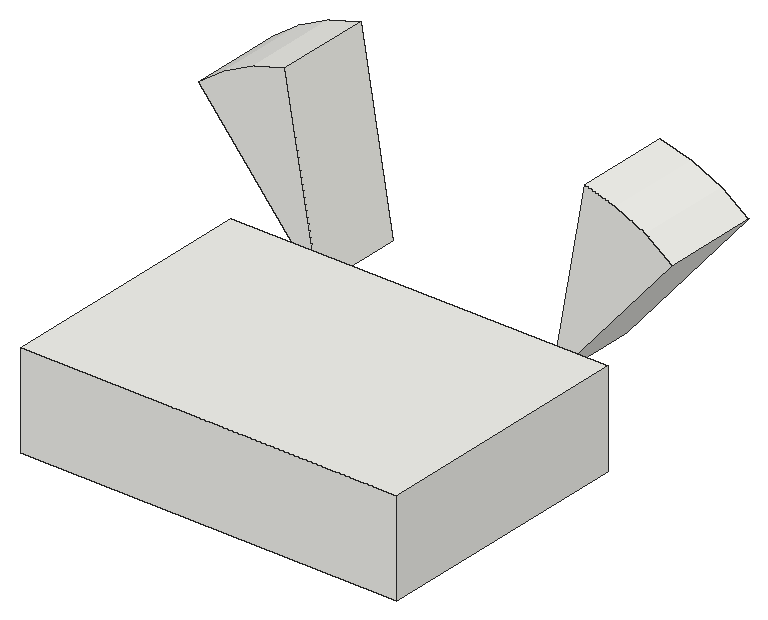
Revit family "fe1066aee01e44148e48403a6d81579c", category Lighting Fixtures, host Face, Revit 2021
Family settings
  Host = Face
  Round Connector Dimension = Use Diameter
  Part Type = Normal
  OmniClass Number = 23.80.70.11.21
  OmniClass Title = Emergency Lighting
  Seek Item ID = Emergency Wall Light-0000-USA-ENU
  Cut with Voids When Loaded = No
  Light Source = No
  Shared = No
  Room Calculation Point = No
Parameters (values of type "120V")
  built-in parameter 1150142 = (empty or 0)
  Material = Steel, Paint Finish, Ivory, Glossy
  Load Classification = Lighting - Dwelling Unit
  Lamp = "A-19"
  Default Elevation = 7' - 0"
  built-in parameter 1140040 [instance] = 1
  Ballast Voltage = 120 V
  Ballast Number of Poles = 1
  Apparent Load = 100 VA
Types (3): name | Ballast Voltage
  (no name) | 120 V
  120V | 120 V
  277V | 277 V
Reference planes (in)
  plane 1 "Center (Front/Back)": y = 0
  plane 2: z = 0
  plane 3 "Center (Left/Right)": x = 0
  plane 4: y = 3.5
  plane 5: y = -3.5
  plane 6: x = -5
  plane 7: x = 5
  plane 8: z = 2.5
  plane 9: z = 1.3125
  plane 10: x = -3.10937
  plane 11: x = 3.10938
  plane 12: y = 6.5
  plane 13: y = 4
  plane 14: y = 5.25
  plane 15: x = -5.22266
  plane 16: x = 5.22266
  plane 17: z = 5.9357
Forms (in)
  Extrusion 1, solid, material "Steel, Paint Finish, Ivory, Glossy" <- "Material"
    sketch origin (0, 0, 0) x (1, 0, 0) y (0, 1, 0)
      loop
        line (-5, 3.5) -> (-5, -3.5) -> (5, -3.5) -> (5, 3.5) -> (-5, 3.5)
    from 0 to 2.5
  Extrusion 2, solid, material "Steel, Paint Finish, Ivory, Glossy" <- "Material"
    sketch origin (0, 0, 0) x (1, 0, 0) y (0, 0, 1)
      loop
        line (-3.10937, 1.3125) -> (-3.97357, 6.21358)
        arc (-3.97357, 6.21358) -> (-5.19604, 5.79653) -> (-6.27088, 5.08023) r 5
        line (-6.27088, 5.08023) -> (-3.10937, 1.3125)
      loop
        line (3.10938, 1.3125) -> (6.32331, 5.14272)
        arc (6.32331, 5.14272) -> (5.22247, 5.84404) -> (3.97762, 6.23654) r 5
        line (3.97762, 6.23654) -> (3.10938, 1.3125)
    from -6.5 to -4
  Extrusion 3, solid, material "Steel, Paint Finish, Ivory, Glossy" <- "Material"
    sketch origin (0, 0, 0) x (1, 0, 0) y (0, 1, 0)
      loop
        circle (0, 0) r 0.5
    from 0 to 2.5
Cuts and joins
  joined: Extrusion 1, Extrusion 3
Lines and regions (in)
  symbolic lines
    curve 1: line (5, 0, 2.5) -> (6.92836, 0, 4.79813)
    curve 2: line (5, 0, 2.5) -> (4.47906, 0, 5.45442)
    curve 3: line (4.47906, 0, 5.45442) -> (6.92836, 0, 4.79813)
    curve 4: line (-5, 0, 2.5) -> (-6.92836, 0, 4.79813)
    curve 5: line (-5, 0, 2.5) -> (-4.47906, 0, 5.45442)
    curve 6: line (-4.47906, 0, 5.45442) -> (-6.92836, 0, 4.79813)
  symbolic lines, detail levels coarse+medium
    curve 7: line (-5, 0, 2.5) -> (5, 0, 0)
Dimensions and locks (in)
  locked: plane 6 to plane 3 "Center (Left/Right)" at 5
  locked: plane 3 "Center (Left/Right)" to plane 7 at 5
  locked: plane 4 to plane 1 "Center (Front/Back)" at 3.5
  locked: plane 1 "Center (Front/Back)" to plane 5 at 3.5
  locked: plane 2 to plane 8 at 2.5
  locked: plane 2 to plane 9 at 1.3125
  locked: plane 3 "Center (Left/Right)" to plane 11 at 3.10938
  locked: plane 3 "Center (Left/Right)" to plane 10 at 3.10938
  cut or joined group of Extrusion 1, Extrusion 3 to plane 13 to plane 12 = 0' - 0 1/2" locked, 0' - 2 1/2" locked
  equal spacing: plane 12, plane 14, plane 13
  equal spacing: plane 15, plane 3 "Center (Left/Right)", plane 16, locked at 5.22266 each
  aligned and locked: plane 2 to host face
  aligned and locked: level to host face
  aligned and locked: plane 6 to Extrusion 1 sketch curve
  aligned and locked: Extrusion 1 sketch curve to plane 4
  aligned and locked: plane 5 to Extrusion 1 sketch curve
  aligned and locked: Extrusion 1 sketch curve to plane 7
  aligned and locked: Extrusion 1 to plane 2
  aligned and locked: plane 8 to Extrusion 1
  aligned and locked: plane 12 to Extrusion 2
  aligned and locked: plane 1 "Center (Front/Back)" to Extrusion 3 sketch curve
  aligned and locked: plane 3 "Center (Left/Right)" to Extrusion 3 sketch curve
  aligned and locked: Extrusion 3 to plane 2
  aligned and locked: plane 8 to Extrusion 3
  aligned and locked: Extrusion 2 to plane 13
  aligned and locked: nested 1 to plane 14
  aligned and locked: nested 1 to plane 15
  aligned and locked: nested 1 to plane 17
  aligned and locked: nested 2 to plane 16
  aligned and locked: nested 2 to plane 17
Automatic sketch dimensions
  host sketch curve to host sketch curve = 8' - 0"  (x2)
  Extrusion 2 sketch curve to plane 9 = 0' - 0"  (x4)
  Extrusion 2 sketch curve to plane 10 = 0' - 0"
  Extrusion 2 sketch curve to plane 11 = 0' - 0"  (x2)
  plane 10 to Extrusion 2 sketch curve = 0' - 0.86419"
  Extrusion 2 sketch curve to plane 6 = 0' - 1.27088"
  Extrusion 2 sketch curve to plane 10 = 0' - 0.12547"
  Extrusion 2 sketch curve to plane 11 = 0' - 0.86824"
  plane 7 to Extrusion 2 sketch curve = 0' - 1.32331"
  plane 8 to Extrusion 2 sketch curve = 0' - 2.58023"
  plane 8 to Extrusion 2 sketch curve = 0' - 2.64272"
  curve 5 to plane 6 = 0' - 0"
  curve 2 to plane 7 = 0' - 0"
  curve 7 to level = 0' - 0"
  curve 7 to plane 7 = 0' - 0"
  curve 7 to plane 8 = 0' - 0"
  curve 2 to plane 8 = 0' - 0"
  curve 6 to plane 15 = 0' - 1.70571"
  plane 6 to curve 5 = 0' - 0.52094"
  curve 3 to plane 7 = 0' - 0.52094"
  plane 16 to curve 1 = 0' - 1.70571"
  plane 8 to curve 4 = 0' - 2.29813"
  plane 8 to curve 1 = 0' - 2.29813"
  curve 4 to curve 6 = 0' - 0.65629"
  curve 1 to curve 2 = 0' - 0.65629"
  radius of Extrusion 3 sketch curve = 0' - 0 1/2"
Nested families (in)
  nested 1: "Family 1" at (-24.55708, 5.25, 0.77945) x (0, 1, 0) z (0, 0, 1), type "Light Source 01"
  nested 2: "Family 1" at (-14.11177, 5.25, 0.77945) x (0, 1, 0) z (0, 0, 1), type "Light Source 02"
Connectors (in)
  electrical at (0, 0, 0), driven by "Apparent Load", driven by "Ballast Voltage", driven by "Ballast Number of Poles", driven by "Load Classification"
    settings: on Extrusion 3, index 1, voltage 120 V, apparent load 0 VA, apparent load phase1 100 VA, apparent load phase2 0 VA, apparent load phase3 0 VA, power factor 0.95, load classification "Lighting - Dwelling Unit", number of poles 1, system type 31, power factor state 1, is connector primary yes, connector utility no, sub classification motor no, connector description ""
Definition of nested family "Family 1"
  Parameters
    Wattage = 50 W
    built-in parameter 1150110 = 1 (stored number, unit not read)
    built-in parameter 1114217 = 1 (stored number, unit not read)
    built-in parameter 1150109 = 1 (stored number, unit not read)
    built-in parameter 1150134 = 4
    built-in parameter 1150113 = 1 (stored number, unit not read)
    Tilt Angle = 150.00°
    Photometric Web File = "EWL2A19.ies"
    Lumens = 780 lm
    built-in parameter 1150115 = 1 (stored number, unit not read)
    built-in parameter 1150105 = 62.07 (stored number, unit not read)
    built-in parameter 1150137 = 1
    built-in parameter 1150139 = (empty or 0)
    built-in parameter 1150112 = 1 (stored number, unit not read)
    built-in parameter 1150114 = 1 (stored number, unit not read)
    built-in parameter 1150132 = (empty or 0)
    built-in parameter 1150102 = (empty or 0)
    built-in parameter 1150138 = (empty or 0)
    built-in parameter 1150107 = 2800 (stored number, unit not read)
    built-in parameter 1150106 = 0.6207 (stored number, unit not read)
    built-in parameter 1150104 = 1.4493 (stored number, unit not read)
    Dimming Lamp Color Temperature Shift = (empty or 0)
    Default Elevation = 0' - 0"
    Color Filter = 16777215
    built-in parameter 1114218 = 1 (stored number, unit not read)
    built-in parameter 1150133 = 10 (stored number, unit not read)
    Assembly Code = ""
  Reference planes (in)
    plane 1 "Light Source Axis (F/B)": z = 5.15625
    plane 2: z = 0
    plane 3 "Light Source Axis (L/R)": x = 0
    plane 4 "Light Source Elevation": y = -19.33443
  Lines and regions (in)
    reference lines
      curve 1: line (0, 73.66557, 0) -> (0, -67.33443, 0)
      curve 2: line (-43, -19.33443, 0) -> (85, -19.33443, 0)
  Dimensions and locks (in)
    aligned and locked: imposter light to plane 4 "Light Source Elevation"
    aligned and locked: curve 1 to plane 3 "Light Source Axis (L/R)"
    aligned and locked: curve 2 to plane 4 "Light Source Elevation"
    aligned and locked: imposter light to plane 1 "Light Source Axis (F/B)"
    aligned and locked: imposter light to plane 3 "Light Source Axis (L/R)"
